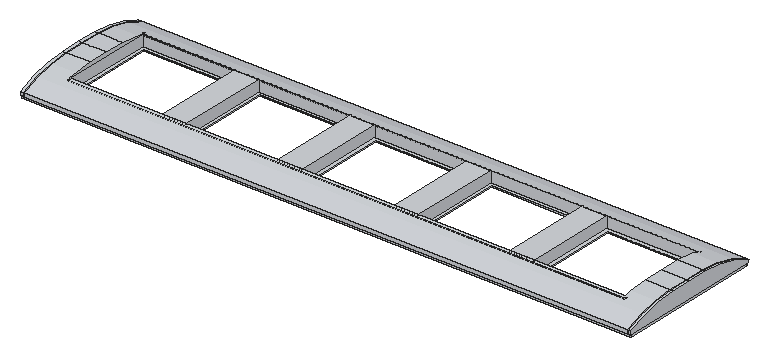
Revit family "Gira_021524", category Electrical Fixtures, host Face, Revit 2017
Family settings
  Host = Face
  Maintain Annotation Orientation = No
  Round Connector Dimension = Use Diameter
  Part Type = Normal
  Cut with Voids When Loaded = No
  Shared = No
  Room Calculation Point = No
Parameters (values of type "Abdeckrahmen 5f Zwischenr. AN Gira Event Opak Weiß")
  Werkstoffgüte = "Thermoplast"
  Werkstoff = "Kunststoff"
  URL = "http://katalog.gira.de/de_DE/datenblatt.html?artikelnr=021524"
  Transparent = "No"
  Textfeld/Beschriftungsfläche = "No"
  Schutzart (IP) = "IP20"
  Region = "DE"
  Oberfläche = "sonstige"
  Name = "Abdeckrahmen 5f Zwischenr. AN Gira Event Opak Weiß"
  Montagerichtung = "horizontal und vertikal"
  Mit Montagerahmen = "No"
  Mit Klappdeckel = "No"
  Manufacturer URL = "https://www.gira.de/"
  Keynote = "Event_Rahmen_5fach"
  HeinzeBIM = "https://bimportal.heinze.de/bim/abdeckrahmen-5f-zwischenr-an-gira-event-opak-weiss/5dfa280d90a0c978a1a5a10ff028ea2346cbbb01"
  Halogenfrei = "Yes"
  HAN = "021524"
  Geeignet für Unterputz-Installation = "Yes"
  Geeignet für Unterflurkanaldose = "No"
  Geeignet für Geräteeinbaukanal = "No"
  Geeignet für Einbauinstallation = "No"
  GTIN = "4010337215240"
  Farbe = "weiß"
  Default Elevation = 1219.2 mm
  Data sheet (1) = "https://katalog.gira.de/de_DE/download.html?artikelnr=021524"
  Category = "Abdeckrahmen"
  Befestigungsart = "Klemmbefestigung"
  Available = "Yes"
  Anzahl der Einheiten vertikal = "5 "
  Anzahl der Einheiten horizontal = "5 "
  Anzahl der Einheiten = "5 "
Reference planes
  plane 1 "Center (Front/Back)": y = 0
  plane 2: z = 0
  plane 3 "Center (Left/Right)": x = 0
Forms (mm)
  Extrusion 1, solid, detail levels fine
    sketch origin (0, 0, 0.05) x (0, 1, 0) y (0, 0, 1)
      loop
        arc (12.445, 9.683) -> (6.223, 9.833) -> (0, 9.85) r 291.636
        arc (0, 9.85) -> (-6.223, 9.833) -> (-12.445, 9.683) r 291.636
        arc (-12.445, 9.683) -> (-29.14, 7.482) -> (-45, 1.823) r 79.728
        line (-45, 1.823) -> (-45, -0.05) -> (-42.086, -0.05)
        arc (-42.086, -0.05) -> (-21.385, 5.559) -> (0, 7.206) r 114.424
        arc (0, 7.206) -> (21.385, 5.559) -> (42.086, -0.05) r 114.424
        line (42.086, -0.05) -> (45, -0.05) -> (45, 1.823)
        arc (45, 1.823) -> (29.14, 7.482) -> (12.445, 9.683) r 79.728
    from -185.578 to 185.593
  Extrusion 2, void, detail levels fine
    sketch origin (0, 0, 0) x (1, 0, 0) y (0, 1, 0)
      loop
        line (170.607, 28) -> (-170.593, 28) -> (-170.593, -28) -> (170.607, -28) -> (170.607, 28)
    from 0.724 to 11
  Extrusion 3, solid, detail levels coarse
    sketch origin (0, 0, 0) x (1, 0, 0) y (0, 1, 0)
      loop
        line (-187.578, 45) -> (-187.578, -45) -> (187.593, -45) -> (187.593, 45) -> (-187.578, 45)
    from -1.5 to 9.9
  Extrusion 4, solid, detail levels medium
    sketch origin (0, 0, 0.05) x (0, 1, 0) y (0, 0, 1)
      loop
        arc (12.445, 9.683) -> (6.223, 9.833) -> (0, 9.85) r 291.636
        arc (0, 9.85) -> (-6.223, 9.833) -> (-12.445, 9.683) r 291.636
        arc (-12.445, 9.683) -> (-29.14, 7.482) -> (-45, 1.823) r 79.728
        line (-45, 1.823) -> (-45, -0.05) -> (45, -0.05) -> (45, 1.823)
        arc (45, 1.823) -> (29.14, 7.482) -> (12.445, 9.683) r 79.728
    from -187.578 to 187.593
  Extrusion 5, solid, detail levels fine
    sketch origin (-142.578, 0, -1.5) x (0, 1, 0) y (0, 0, -1)
      loop
        line (45, -3.373) -> (45, -1.5) -> (-45, -1.5) -> (-45, -3.373)
        arc (-45, -3.373) -> (-29.14, -9.032) -> (-12.445, -11.233) r 79.728
        arc (-12.445, -11.233) -> (-6.223, -11.383) -> (0, -11.4) r 291.636
        arc (0, -11.4) -> (6.223, -11.383) -> (12.445, -11.233) r 291.636
        arc (12.445, -11.233) -> (29.14, -9.032) -> (45, -3.373) r 79.728
    from 43 to 45
  Extrusion 6, solid, detail levels fine
    sketch origin (0, 0, 0) x (1, 0, 0) y (0, 1, 0)
      loop
        line (-168.493, 25.7) -> (-168.493, -25.7) -> (-116.693, -25.7) -> (-116.693, 25.7) -> (-168.493, 25.7)
      loop
        line (-45.398, -25.7) -> (-45.398, 25.7) -> (-97.198, 25.7) -> (-97.198, -25.7) -> (-45.398, -25.7)
      loop
        line (-171.487, 28.49) -> (-171.487, -28.495)
        spline (-171.487, -28.495) -> (-171.479, -28.625) -> (-171.453, -28.754) -> (-171.411, -28.878) -> (-171.353, -28.995) -> (-171.281, -29.104) -> (-171.194, -29.202) -> (-171.096, -29.288) -> (-170.987, -29.361) -> (-170.87, -29.419) -> (-170.746, -29.461) -> (-170.618, -29.486) -> (-170.487, -29.495)
        line (-170.487, -29.495) -> (170.502, -29.495)
        spline (170.502, -29.495) -> (170.633, -29.486) -> (170.761, -29.461) -> (170.885, -29.419) -> (171.002, -29.361) -> (171.111, -29.288) -> (171.209, -29.202) -> (171.296, -29.104) -> (171.368, -28.995) -> (171.426, -28.878) -> (171.468, -28.754) -> (171.494, -28.625) -> (171.502, -28.495)
        line (171.502, -28.495) -> (171.502, 28.49)
        spline (171.502, 28.49) -> (171.494, 28.62) -> (171.468, 28.748) -> (171.426, 28.872) -> (171.368, 28.99) -> (171.296, 29.098) -> (171.209, 29.197) -> (171.111, 29.283) -> (171.002, 29.356) -> (170.885, 29.413) -> (170.761, 29.456) -> (170.633, 29.481) -> (170.502, 29.49)
        line (170.502, 29.49) -> (-170.487, 29.49)
        spline (-170.487, 29.49) -> (-170.618, 29.481) -> (-170.746, 29.456) -> (-170.87, 29.413) -> (-170.987, 29.356) -> (-171.096, 29.283) -> (-171.194, 29.197) -> (-171.281, 29.098) -> (-171.353, 28.99) -> (-171.411, 28.872) -> (-171.453, 28.748) -> (-171.479, 28.62) -> (-171.487, 28.49)
      loop
        line (25.902, -25.7) -> (25.902, 25.7) -> (-25.898, 25.7) -> (-25.898, -25.7) -> (25.902, -25.7)
      loop
        line (97.207, -25.7) -> (97.207, 25.7) -> (45.407, 25.7) -> (45.407, -25.7) -> (97.207, -25.7)
      loop
        line (168.507, -25.7) -> (168.507, 25.7) -> (116.707, 25.7) -> (116.707, -25.7) -> (168.507, -25.7)
    from 0.1 to 7.3
  Extrusion 7, solid
    sketch origin (0, 0, 0) x (1, 0, 0) y (0, 1, 0)
      loop
        arc (-187.293, -44.218) -> (-187.146, -44.572) -> (-186.793, -44.718) r 0.5
        line (-186.793, -44.718) -> (186.807, -44.718)
        arc (186.807, -44.718) -> (187.161, -44.572) -> (187.307, -44.218) r 0.5
        line (187.307, -44.218) -> (187.307, 44.182)
        arc (187.307, 44.182) -> (187.161, 44.535) -> (186.807, 44.682) r 0.5
        line (186.807, 44.682) -> (-186.793, 44.682)
        arc (-186.793, 44.682) -> (-187.146, 44.535) -> (-187.293, 44.182) r 0.5
        line (-187.293, 44.182) -> (-187.293, -44.218)
      loop
        line (-185.593, 42.982) -> (-185.593, -43.018) -> (185.607, -43.018) -> (185.607, 42.982) -> (-185.593, 42.982)
    from -1.5 to 0.5
  Extrusion 8, solid, detail levels fine
    sketch origin (142.593, 0, -1.5) x (0, 1, 0) y (0, 0, 1)
      loop
        arc (45, 3.373) -> (29.14, 9.032) -> (12.445, 11.233) r 79.728
        arc (12.445, 11.233) -> (6.223, 11.383) -> (0, 11.4) r 291.636
        arc (0, 11.4) -> (-6.223, 11.383) -> (-12.445, 11.233) r 291.636
        arc (-12.445, 11.233) -> (-29.14, 9.032) -> (-45, 3.373) r 79.728
        line (-45, 3.373) -> (-45, 1.5) -> (45, 1.5) -> (45, 3.373)
    from 43 to 45
  Extrusion 9, solid, detail levels medium
    sketch origin (0, 0, 0) x (1, 0, 0) y (0, 1, 0)
      loop
        line (-187.293, -44.718) -> (187.307, -44.718) -> (187.307, 44.682) -> (-187.293, 44.682) -> (-187.293, -44.718)
    from -1.5 to 0.5
  Extrusion 10, solid, detail levels fine
    sketch origin (-105.5, 0, 0) x (1, 0, 0) y (0, 1, 0)
      loop
        line (-8.943, 28.063) -> (-8.943, -27.937) -> (6.057, -27.937) -> (6.057, 28.063) -> (-8.943, 28.063)
    from 0.724 to 7.566
  Extrusion 11, solid, detail levels fine
    sketch origin (-37.085, 0, 0) x (-1, 0, 0) y (0, -1, 0)
      loop
        line (-8.943, -28.063) -> (6.057, -28.063) -> (6.057, 27.937) -> (-8.943, 27.937) -> (-8.943, -28.063)
    from 0.724 to 7.566
  Extrusion 12, solid, detail levels fine
    sketch origin (105.5, 0, 0) x (-1, 0, 0) y (0, -1, 0)
      loop
        line (-8.943, -28.063) -> (6.057, -28.063) -> (6.057, 27.937) -> (-8.943, 27.937) -> (-8.943, -28.063)
    from 0.724 to 7.566
  Extrusion 13, solid, detail levels fine
    sketch origin (37.085, 0, 0) x (1, 0, 0) y (0, 1, 0)
      loop
        line (-8.943, 28.063) -> (-8.943, -27.937) -> (6.057, -27.937) -> (6.057, 28.063) -> (-8.943, 28.063)
    from 0.724 to 7.566
Cuts and joins
  Extrusion 2 cuts Extrusion 1
  Extrusion 2 cuts Extrusion 6
Dimensions and locks
  aligned and locked: plane 2 to host face
  aligned and locked: level to host face
